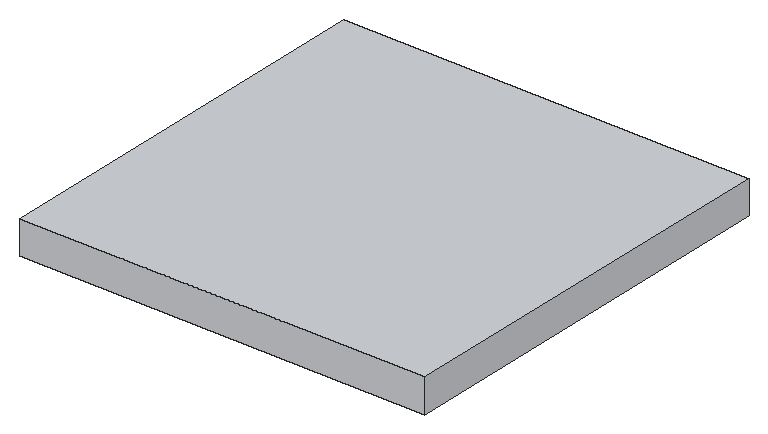
Revit family
Parameters (values of type "Sound Silencer Ceiling")
  URL = "www.acousticalsurfaces.com"
  Type Comments = ""
  Model = "Sound Silencer For Ceiling 2'x2'x2\""
  Manufacturer = "Acoustical Surfaces 1800-854-2948"
  Description = "Acoustical Ceiling tile "
  Assembly Code = ""
Types (2): name | Type Comments | Model | Manufacturer | Description
  dBA Acoustical Ceiling Panal | "1\"" | "dBA Panel" | "Acoustical Surfaces" | ""
  Sound Silencer Ceiling | "" | "Sound Silencer For Ceiling 2'x2'x2\"" | "Acoustical Surfaces 1800-854-2948" | "Acoustical Ceiling tile "
Reference planes (in)
  plane 1 "Center (Front/Back)": y = 0
  plane 2 "Ceiling": z = 96
  plane 3 "Center (Left/Right)": x = 0
Forms (in)
  Extrusion 1, solid
    sketch origin (0, 0, 94) x (1, 0, 0) y (0, 1, 0)
      loop
        line (-12, 12) -> (-12, -12) -> (12, -12) -> (12, 12) -> (-12, 12)
    from 0 to 2
Lines and regions (in)
  sketch lines
    curve 1: line (-60, 60, 0) -> (60, 60, 0)
    curve 2: line (-60, 60, 0) -> (-60, -60, 0)
    curve 3: line (-60, -60, 0) -> (60, -60, 0)
    curve 4: line (60, 60, 0) -> (60, -60, 0)
Dimensions and locks (in)
  equal spacing: curve 2, plane 3 "Center (Left/Right)", curve 4
  equal spacing: curve 3, plane 1 "Center (Front/Back)", curve 1
  curve 2 to curve 4 = 10' - 0"
  curve 3 to curve 1 = 10' - 0"
